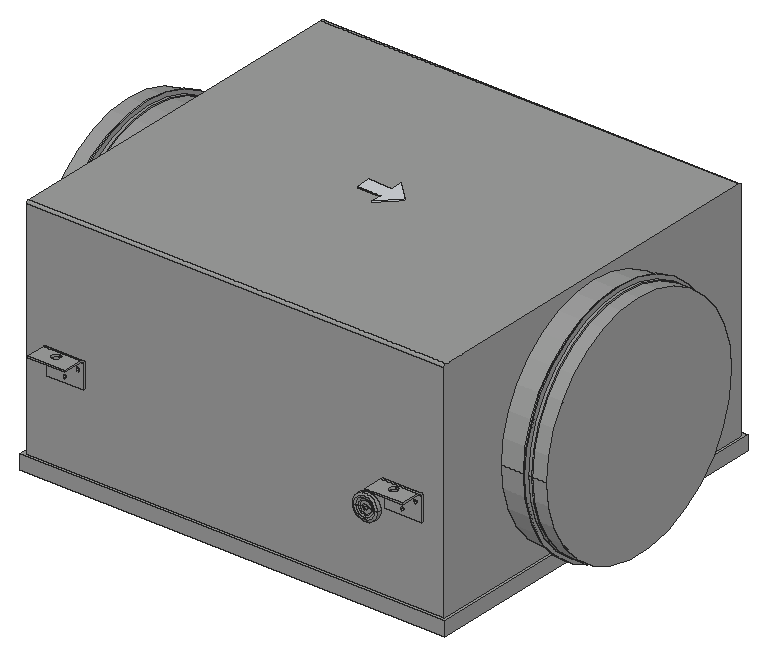
Revit family "Вентилятор круглый V Compact металл", category Оборудование, Revit 2019
Family settings
  Размер круглого соединителя = Использовать диаметр
  Тип детали = Нормальный
  Номер OmniClass = 23.75.00.00
  Заголовок OmniClass = Climate Control (HVAC)
  На основе рабочей плоскости = Нет
  Всегда вертикально = Да
  При загрузке вырезать с полостями = Нет
  Общий = Нет
  Точка расчета площади = Нет
Parameters (values of type "V-250")
  Частота вращения n, об/мин = "2500"
  Сила тока J, А = "0.93"
  Напряжение U,В = "1-220"
  Мощность двигателя N,Вт = "210"
  Материал = RAL 0000 Серый металл
  d = 250 mm
  L = 450 mm
  H = 259 mm
  D+4.5 = D + 4.5 mm  # 128.5 mm
  D+0.5 = D + 0.5 mm  # 124.5 mm
  D = 124 mm
  B = 400 mm
  ADSK_Примечание = "https://progress-nw.ru/ventilyatory/krugli-kanal/ventilyator-kruglyj-compact/"  # constant formula
  ADSK_Позиция = ""
  ADSK_Наименование = "Вентилятор для круглого канала"  # constant formula
  ADSK_Масса_Текст = "10.1 кг"
  ADSK_Марка = "V-250 Compact"
  ADSK_Код изделия = ""
  ADSK_Завод-изготовитель = "Naveka"  # constant formula
  ADSK_Единица измерения = "шт."  # constant formula
Types (7, lengths in mm): name | Частота вращения n, об/мин | Сила тока J, А | Мощность двигателя N,Вт | d | L | H | D+4.5 | D+0.5 | D | B | ADSK_Масса_Текст | ADSK_Марка
  (no name) | "2500" | "0.93" | "210" | 250 | 450 | 259 | 128.5 | 124.5 | 124 | 400 | "10.1 кг" | "V-250 Compact"
  V-100 | "2350" | "0.23" | "52" | 100 | 360 | 134 | 53.5 | 49.5 | 49 | 250 | "4.3 кг" | "V-100 Compact"
  V-125 | "2350" | "0.23" | "52" | 125 | 360 | 134 | 66 | 62 | 61.5 | 290 | "4.8 кг" | "V-125 Compact"
  V-160 | "2700" | "0.38" | "85" | 160 | 400 | 169 | 83.5 | 79.5 | 79 | 320 | "6.2 кг" | "V-160 Compact"
  V-200 | "2650" | "0.6" | "135" | 200 | 400 | 213 | 103.5 | 99.5 | 99 | 350 | "7.7 кг" | "V-200 Compact"
  V-250 | "2500" | "0.93" | "210" | 250 | 450 | 259 | 128.5 | 124.5 | 124 | 400 | "10.1 кг" | "V-250 Compact"
  V-315 | "2700" | "1.0" | "225" | 315 | 500 | 309 | 161 | 157 | 156.5 | 450 | "12.8 кг" | "V-315 Compact"
Reference planes
  plane 1 "По центру (Вперед/Назад)": y = 0
  plane 2: z = 0
  plane 3 "По центру (Влево/Вправо)": x = 0
  plane 4: y = 200
  plane 5: y = -200
  plane 6: x = -275
  plane 7: x = 225
  plane 8: z = 129.5
  plane 9: z = -129.5
  plane 10: x = 250
  plane 11: x = 254
  plane 12: x = 255
  plane 13: x = 259
  plane 14: x = 275
  plane 15: x = -225
  plane 16: x = -250
  plane 17: x = -254
  plane 18: x = -255
  plane 19: x = -259
  plane 20: x = -275
  plane 21: x = -229
  plane 22: y = 204
  plane 23: x = 229
  plane 24: y = -204
  plane 25: z = -114.5
  plane 26: x = 202
  plane 27: x = 162
  plane 28: x = 182
  plane 29: y = 214
  plane 30: z = -12
  plane 31: z = -24
  plane 32: x = 168
  plane 33: x = 196
  plane 34: x = -202
  plane 35: x = -162
  plane 36: x = -182
  plane 37: x = -168
  plane 38: x = -196
  plane 39: y = -214
  plane 40: x = 143.055
  plane 41: z = -35.309
  plane 42: z = 130.5
Forms (mm)
  Extrusion 1, solid, material "RAL 0000 Серый металл" <- "Материал", detail levels fine
    sketch origin (0, 0, 0) x (0, 1, 0) y (0, 0, 1)
      loop
        circle (0, 0) r 124
    from 225 to 275
  Extrusion 2, solid, material "Каучук, черный", detail levels fine
    sketch origin (0, 0, -17.195) x (0, 1, 0) y (0, 0, 1)
      loop
        circle (0, 17.195) r 124.5
    from 250 to 259
  Extrusion 3, solid, material "Каучук, черный", detail levels fine
    sketch origin (0, 0, -17.195) x (0, 1, 0) y (0, 0, 1)
      loop
        circle (0, 17.195) r 128.5
    from 254 to 255
  Extrusion 4, solid, material "RAL 0000 Серый металл" <- "Материал", detail levels fine
    sketch origin (0, 0, 0) x (0, 1, 0) y (0, 0, -1)
      loop
        circle (0, 0) r 124
    from 225 to 275
  Extrusion 5, solid, material "Каучук, черный", detail levels fine
    sketch origin (0, 0, -17.195) x (0, 1, 0) y (0, 0, -1)
      loop
        circle (0, -17.195) r 124.5
    from 250 to 259
  Extrusion 6, solid, material "Каучук, черный", detail levels fine
    sketch origin (0, 0, -17.195) x (0, 1, 0) y (0, 0, -1)
      loop
        circle (0, -17.195) r 128.5
    from 254 to 255
  Extrusion 7, solid, material "RAL 0000 Серый металл" <- "Материал", detail levels fine
    sketch origin (0, 0, 0) x (0, 1, 0) y (0, 0, 1)
      loop
        line (196.975, 129.5) -> (-196.984, 129.5)
        arc (-196.984, 129.5) -> (-199.117, 128.617) -> (-200, 126.484) r 3.016
        line (-200, 126.484) -> (-200, -129.5) -> (200, -129.5) -> (200, 126.475)
        arc (200, 126.475) -> (199.114, 128.614) -> (196.975, 129.5) r 3.025
    from -225 to 225
  Extrusion 8, solid, material "RAL 0000 Серый металл" <- "Материал", detail levels fine
    sketch origin (0, 0, 0) x (1, 0, 0) y (0, 1, 0)
      loop
        line (-229, 204) -> (-229, -204) -> (229, -204) -> (229, 204) -> (-229, 204)
    from -129.5 to -114.5
  Extrusion 9, solid, material "RAL 0000 Серый металл" <- "Материал", detail levels fine
    sketch origin (0, 0, 0) x (0, 1, 0) y (0, 0, 1)
      loop
        line (227.5, -1.5) -> (227.5, 0) -> (205.472, 0)
        arc (205.472, 0) -> (201.603, -1.603) -> (200, -5.472) r 5.472
        line (200, -5.472) -> (200, -30) -> (201.5, -30) -> (201.5, -5.119)
        arc (201.5, -5.119) -> (202.56, -2.56) -> (205.119, -1.5) r 3.619
        line (205.119, -1.5) -> (227.5, -1.5)
    from 162 to 202
  Extrusion 10, void
    sketch origin (0, 227.5, 0) x (0, -1, 0) y (1, 0, 0)
      loop
        circle (13.5, 182) r 4.5
    from -1.5 to 0
  Extrusion 11, void
    sketch origin (0, 0, 0) x (1, 0, 0) y (0, 0, 1)
      loop
        circle (168, -12) r 2.1
      loop
        circle (196, -12) r 2.1
      loop
        circle (182, -24) r 2.1
    from -201.5 to -200
  Extrusion 12, solid, material "RAL 0000 Серый металл" <- "Материал", detail levels fine
    sketch origin (0, 0, 0) x (0, -1, 0) y (0, 0, -1)
      loop
        line (227.5, 1.5) -> (204.519, 1.5)
        arc (204.519, 1.5) -> (202.384, 2.384) -> (201.5, 4.519) r 3.019
        line (201.5, 4.519) -> (201.5, 30) -> (200, 30) -> (200, 6.072)
        arc (200, 6.072) -> (201.778, 1.778) -> (206.072, 0) r 6.072
        line (206.072, 0) -> (227.5, 0) -> (227.5, 1.5)
    from 162 to 202
  Extrusion 13, void
    sketch origin (0, -102.122, 0) x (0, 1, 0) y (-1, 0, 0)
      loop
        circle (-111.878, -182) r 4.5
    from -1.5 to 0
  Extrusion 14, void
    sketch origin (0, 0, 0) x (1, 0, 0) y (0, 0, -1)
      loop
        circle (168, 12) r 2.1
      loop
        circle (196, 12) r 2.1
      loop
        circle (182, 24) r 2.1
    from -201.5 to -200
  Extrusion 15, solid, material "RAL 0000 Серый металл" <- "Материал", detail levels fine
    sketch origin (0, 0, 0) x (0, 1, 0) y (0, 0, -1)
      loop
        line (227.5, 1.5) -> (205.119, 1.5)
        arc (205.119, 1.5) -> (202.56, 2.56) -> (201.5, 5.119) r 3.619
        line (201.5, 5.119) -> (201.5, 30) -> (200, 30) -> (200, 5.472)
        arc (200, 5.472) -> (201.603, 1.603) -> (205.472, 0) r 5.472
        line (205.472, 0) -> (227.5, 0) -> (227.5, 1.5)
    from 162 to 202
  Extrusion 16, void
    sketch origin (-270, 227.5, 0) x (0, -1, 0) y (1, 0, 0)
      loop
        circle (13.5, 88) r 4.5
    from -1.5 to 0
  Extrusion 17, solid, material "RAL 0000 Серый металл" <- "Материал", detail levels fine
    sketch origin (0, 0, 0) x (0, -1, 0) y (0, 0, 1)
      loop
        line (227.5, -1.5) -> (227.5, 0) -> (206.072, 0)
        arc (206.072, 0) -> (201.778, -1.778) -> (200, -6.072) r 6.072
        line (200, -6.072) -> (200, -30) -> (201.5, -30) -> (201.5, -4.519)
        arc (201.5, -4.519) -> (202.384, -2.384) -> (204.519, -1.5) r 3.019
        line (204.519, -1.5) -> (227.5, -1.5)
    from 162 to 202
  Extrusion 18, void
    sketch origin (0, 0, 0) x (-1, 0, 0) y (0, 0, -1)
      loop
        circle (168, 12) r 2.1
      loop
        circle (196, 12) r 2.1
      loop
        circle (182, 24) r 2.1
    from -201.5 to -200
  Extrusion 19, void
    sketch origin (0, 0, 0) x (-1, 0, 0) y (0, 0, 1)
      loop
        circle (168, -12) r 2.1
      loop
        circle (196, -12) r 2.1
      loop
        circle (182, -24) r 2.1
    from -201.5 to -200
  Extrusion 20, void
    sketch origin (0, -102.122, 0) x (0, 1, 0) y (-1, 0, 0)
      loop
        circle (-111.878, 182) r 4.5
    from -1.5 to 0
  Revolve 21, solid, material "Пластмасса, непрозрачная, белая", detail levels fine
    sketch origin (-529.877, -1524, -35.309) x (-1, 0, 0) y (0, -1, 0)
      loop
        line (-672.932, -1324) -> (-672.932, -1321.838) -> (-675.335, -1321.838) -> (-675.335, -1323.031) -> (-676.181, -1323.031) -> (-676.181, -1321.246) -> (-679.626, -1321.246) -> (-680.625, -1320.547) -> (-682.373, -1319.72) -> (-684.347, -1319.25) -> (-686.642, -1320.575) -> (-686.642, -1324) -> (-672.932, -1324)
      axis (-672.932, -1319.25) -> (-672.932, -1324)
    angle from 0 to 360
  Revolve 22, solid, material "Пластмасса, непрозрачная, белая", detail levels fine
    sketch origin (-529.877, 1524, -35.309) x (-1, 0, 0) y (0, -1, 0)
      loop
        line (-672.932, 1324) -> (-686.642, 1324) -> (-686.642, 1320.575) -> (-684.347, 1319.25) -> (-682.373, 1319.72) -> (-680.625, 1320.547) -> (-679.626, 1321.246) -> (-676.181, 1321.246) -> (-676.181, 1323.031) -> (-675.335, 1323.031) -> (-675.335, 1321.838) -> (-672.932, 1321.838) -> (-672.932, 1324)
      axis (-672.932, 1319.25) -> (-672.932, 1324)
    angle from 0 to 360
  Extrusion 23, solid, detail levels fine
    sketch origin (-0.974, 0, 0) x (1, 0, 0) y (0, 1, 0)
      loop
        line (23.125, 0) -> (3.823, 19.302) -> (3.823, 14.302) -> (3.823, 7.861) -> (-21.177, 7.861) -> (-21.177, 0) -> (-21.177, -7.861) -> (3.823, -7.861) -> (3.823, -14.302) -> (3.823, -19.302) -> (23.125, 0)
    from 0 to 130.5
Cuts and joins
  Extrusion 10, Extrusion 11, Extrusion 13, Extrusion 14, Extrusion 16, Extrusion 18 cuts Extrusion 9
  Extrusion 14, Extrusion 18, Extrusion 19 cuts Extrusion 7
  Extrusion 16, Extrusion 18, Extrusion 19 cuts Extrusion 15
  Extrusion 13, Extrusion 14, Extrusion 20 cuts Extrusion 12
  Extrusion 19, Extrusion 20 cuts Extrusion 17
Lines and regions (mm)
  model lines, detail levels medium
    curve 1: circle (0, 0, 0) r 75 normal (0, -1, 0)
    curve 2: line (75, 0, 0) -> (-46.678, 0, 58.704)
    curve 3: line (-47.5, 0, 58.041) -> (-47.5, 0, -58.041)
    curve 4: line (-46.678, 0, -58.704) -> (75, 0, 0)
  model lines, not visible, detail levels medium
    curve 5: circle (0, 0, 0) r 75 normal (0, -1, 0)
    curve 6: line (75, 0, 0) -> (-46.678, 0, 58.704)
    curve 7: line (-47.5, 0, 58.041) -> (-47.5, 0, -58.041)
    curve 8: line (-46.678, 0, -58.704) -> (75, 0, 0)
  model lines, detail levels coarse
    curve 9: circle (0, 0, 0) r 95 normal (0, 0, 1)
    curve 10: line (95, 0, 0) -> (-55.84, 76.857, 0)
    curve 11: line (-55.84, 76.857, 0) -> (-55.84, -76.857, 0)
    curve 12: line (-55.84, -76.857, 0) -> (95, 0, 0)
  model lines, not visible, detail levels coarse
    curve 13: circle (0, 0, 0) r 95 normal (0, 0, 1)
    curve 14: line (95, 0, 0) -> (-55.84, 76.857, 0)
    curve 15: line (-55.84, 76.857, 0) -> (-55.84, -76.857, 0)
    curve 16: line (-55.84, -76.857, 0) -> (95, 0, 0)
Dimensions and locks
  "B": plane 5 to plane 4
  "L": plane 15 to plane 7
  equal spacing: plane 15, plane 3 "По центру (Влево/Вправо)", plane 7
  equal spacing: plane 5, plane 1 "По центру (Вперед/Назад)", plane 4
  equal spacing: plane 8, level, plane 9
  "H": plane 8 to plane 9
  plane 7 to plane 6 = 500 mm
  locked: plane 7 to plane 10 at 25
  locked: plane 10 to plane 11 at 4
  locked: plane 11 to plane 12 at 1
  locked: plane 12 to plane 13 at 4
  locked: plane 13 to plane 14 at 16
  locked: plane 15 to plane 16 at 25
  locked: plane 16 to plane 17 at 4
  locked: plane 17 to plane 18 at 1
  locked: plane 18 to plane 19 at 4
  locked: plane 19 to plane 20 at 16
  locked: plane 24 to plane 5 at 4
  locked: plane 22 to plane 4 at 4
  locked: plane 7 to plane 23 at 4
  locked: plane 21 to plane 15 at 4
  locked: plane 25 to plane 9 at 15
  locked: plane 26 to plane 7 at 23
  locked: plane 27 to plane 26 at 40
  locked: Extrusion 9 sketch curve to Extrusion 9 sketch curve at 1.5  (x2)
  Extrusion 9 sketch curve to Extrusion 9 sketch curve = 27.5 mm
  locked: Extrusion 9 sketch curve to Extrusion 9 sketch curve at 30
  equal spacing: plane 27, plane 28, plane 26
  locked: plane 29 to plane 4 at 14
  locked: level to plane 31 at 24
  equal spacing: level, plane 30, plane 31
  locked: plane 32 to plane 28 at 14
  equal spacing: plane 32, plane 28, plane 33
  locked: plane 35 to plane 34 at 40
  equal spacing: plane 35, plane 36, plane 34
  locked: plane 37 to plane 36 at 14
  equal spacing: plane 37, plane 36, plane 38
  locked: Extrusion 12 sketch curve to Extrusion 12 sketch curve at 1.5  (x2)
  Extrusion 12 sketch curve to Extrusion 12 sketch curve = 27.5 mm
  locked: Extrusion 12 sketch curve to Extrusion 12 sketch curve at 30
  locked: plane 5 to plane 39 at 14
  locked: Extrusion 15 sketch curve to Extrusion 15 sketch curve at 1.5  (x2)
  Extrusion 15 sketch curve to Extrusion 15 sketch curve = 27.5 mm
  locked: Extrusion 15 sketch curve to Extrusion 15 sketch curve at 30
  locked: Extrusion 17 sketch curve to Extrusion 17 sketch curve at 1.5  (x2)
  Extrusion 17 sketch curve to Extrusion 17 sketch curve = 27.5 mm
  locked: Extrusion 17 sketch curve to Extrusion 17 sketch curve at 30
  locked: level to plane 41 at 35.309
  locked: plane 40 to plane 27 at 18.945
  equal spacing: plane 35, plane 3 "По центру (Влево/Вправо)", plane 27
  locked: plane 42 to plane 8 at 1
  "D": radius of Extrusion 1 sketch curve
  "D+0.5": radius of Extrusion 2 sketch curve
  "D+4.5": radius of Extrusion 3 sketch curve
  "D": radius of Extrusion 4 sketch curve
  "D+0.5": radius of Extrusion 5 sketch curve
  "D+4.5": radius of Extrusion 6 sketch curve
  radius of Extrusion 10 sketch curve = 4.5 mm
  radius of Extrusion 13 sketch curve = 4.5 mm
  radius of Extrusion 16 sketch curve = 4.5 mm
  radius of Extrusion 20 sketch curve = 4.5 mm
  aligned and locked: level to plane 2
  aligned and locked: plane 7 to Extrusion 1
  aligned and locked: Extrusion 1 to plane 14
  aligned and locked: level to Extrusion 1
  aligned and locked: level to Extrusion 2
  aligned and locked: Extrusion 3 to plane 12
  aligned and locked: plane 11 to Extrusion 3
  aligned and locked: level to Extrusion 3
  aligned and locked: Extrusion 4 to plane 20
  aligned and locked: Extrusion 5 to plane 19
  aligned and locked: Extrusion 6 to plane 18
  aligned and locked: plane 17 to Extrusion 6
  aligned and locked: plane 16 to Extrusion 5
  aligned and locked: plane 15 to Extrusion 4
  aligned and locked: Extrusion 7 to plane 15
  aligned and locked: Extrusion 7 to plane 7
  aligned and locked: plane 9 to Extrusion 7
  aligned and locked: plane 9 to Extrusion 8
  aligned and locked: Extrusion 8 to plane 25
  aligned and locked: Extrusion 9 to plane 26
  aligned and locked: plane 27 to Extrusion 9
  aligned and locked: plane 28 to Extrusion 10 sketch curve
  aligned and locked: Extrusion 9 to Extrusion 10  (x2)
  aligned and locked: plane 32 to Extrusion 11 sketch curve
  aligned and locked: plane 30 to Extrusion 11 sketch curve  (x2)
  aligned and locked: plane 33 to Extrusion 11 sketch curve
  aligned and locked: plane 28 to Extrusion 11 sketch curve
  aligned and locked: plane 31 to Extrusion 11 sketch curve
  aligned and locked: cut or joined group of Extrusion 9, Extrusion 10, Extrusion 11, Extrusion 13, Extrusion 14, Extrusion 16, Extrusion 18 to Extrusion 11
  aligned and locked: Extrusion 11 to plane 4
  aligned and locked: Extrusion 12 to plane 5
  aligned and locked: Extrusion 12 to plane 26
  aligned and locked: plane 27 to Extrusion 12
  aligned and locked: plane 39 to Extrusion 13 sketch curve
  aligned and locked: plane 28 to Extrusion 13 sketch curve
  aligned and locked: Extrusion 14 to plane 5
  aligned and locked: Extrusion 12 to Extrusion 14
  aligned and locked: level to Extrusion 12
  aligned and locked: plane 35 to Extrusion 15
  aligned and locked: Extrusion 15 to plane 34
  aligned and locked: Extrusion 15 to plane 4
  aligned and locked: level to Extrusion 15
  aligned and locked: plane 36 to Extrusion 16 sketch curve
  aligned and locked: plane 29 to Extrusion 16 sketch curve
  aligned and locked: plane 35 to Extrusion 17
  aligned and locked: Extrusion 17 to plane 34
  aligned and locked: Extrusion 17 to plane 5
  aligned and locked: level to Extrusion 17
  aligned and locked: plane 30 to Extrusion 18 sketch curve  (x2)
  aligned and locked: plane 38 to Extrusion 18 sketch curve
  aligned and locked: plane 37 to Extrusion 18 sketch curve
  aligned and locked: plane 36 to Extrusion 18 sketch curve
  aligned and locked: plane 31 to Extrusion 18 sketch curve
  aligned and locked: plane 37 to Extrusion 19 sketch curve
  aligned and locked: plane 30 to Extrusion 19 sketch curve  (x2)
  aligned and locked: plane 38 to Extrusion 19 sketch curve
  aligned and locked: plane 36 to Extrusion 19 sketch curve
  aligned and locked: plane 31 to Extrusion 19 sketch curve
  aligned and locked: plane 36 to Extrusion 20 sketch curve
  aligned and locked: plane 39 to Extrusion 20 sketch curve
  aligned and locked: plane 4 to Revolve 22
  aligned and locked: Revolve 21 to plane 5
  aligned and locked: plane 27 to cut or joined group of Extrusion 12, Extrusion 13, Extrusion 14, Extrusion 20
  aligned and locked: cut or joined group of Extrusion 12, Extrusion 13, Extrusion 14, Extrusion 20 to plane 26
  aligned and locked: level to cut or joined group of Extrusion 12, Extrusion 13, Extrusion 14, Extrusion 20
  aligned and locked: plane 33 to Extrusion 14 sketch curve
  aligned and locked: plane 30 to Extrusion 14 sketch curve  (x2)
  aligned and locked: plane 32 to Extrusion 14 sketch curve
  aligned and locked: plane 31 to Extrusion 14 sketch curve
  aligned and locked: plane 28 to Extrusion 14 sketch curve
  aligned and locked: cut or joined group of Extrusion 9, Extrusion 10, Extrusion 11, Extrusion 13, Extrusion 14, Extrusion 16, Extrusion 18 to plane 4  (x4)
  aligned and locked: Extrusion 2 to plane 13
  aligned and locked: plane 10 to Extrusion 2
  aligned and locked: plane 4 to cut or joined group of Extrusion 7, Extrusion 14, Extrusion 18, Extrusion 19
  aligned and locked: plane 5 to cut or joined group of Extrusion 7, Extrusion 14, Extrusion 18, Extrusion 19
  aligned and locked: cut or joined group of Extrusion 17, Extrusion 19, Extrusion 20 to cut or joined group of Extrusion 7, Extrusion 14, Extrusion 18, Extrusion 19
  aligned and locked: cut or joined group of Extrusion 15, Extrusion 16, Extrusion 18, Extrusion 19 to cut or joined group of Extrusion 7, Extrusion 14, Extrusion 18, Extrusion 19
  aligned and locked: plane 42 to Extrusion 23
Automatic sketch dimensions
  Extrusion 7 sketch curve to plane 5 = 0 mm
  Extrusion 7 sketch curve to plane 8 = 0 mm
  Extrusion 7 sketch curve to plane 4 = 0 mm
  plane 9 to Extrusion 7 sketch curve = 0 mm
  Extrusion 7 sketch curve to Extrusion 7 sketch curve = 3.016 mm
  Extrusion 7 sketch curve to plane 4 = 3.025 mm
  Extrusion 8 sketch curve to plane 21 = 0 mm
  Extrusion 8 sketch curve to plane 23 = 0 mm
  plane 24 to Extrusion 8 sketch curve = 0 mm
  Extrusion 8 sketch curve to plane 22 = 0 mm
  Extrusion 9 sketch curve to plane 4 = 0 mm
  Extrusion 9 sketch curve to level = 0 mm
  plane 22 to Extrusion 9 sketch curve = 1.119 mm
  Extrusion 9 sketch curve to Extrusion 9 sketch curve = 0.354 mm
  Extrusion 10 sketch curve to Extrusion 9 = 8.528 mm
  Extrusion 12 sketch curve to plane 5 = 0 mm
  Extrusion 12 sketch curve to level = 0 mm
  Extrusion 12 sketch curve to plane 24 = 0.519 mm
  Extrusion 12 sketch curve to plane 24 = 2.072 mm
  Extrusion 15 sketch curve to plane 4 = 0 mm
  Extrusion 15 sketch curve to level = 0 mm
  plane 22 to Extrusion 15 sketch curve = 1.119 mm
  Extrusion 15 sketch curve to Extrusion 15 sketch curve = 0.354 mm
  Extrusion 17 sketch curve to plane 5 = 0 mm
  Extrusion 17 sketch curve to level = 0 mm
  plane 24 to Extrusion 17 sketch curve = 0.519 mm
  plane 24 to Extrusion 17 sketch curve = 2.072 mm
  plane 5 to Revolve 21 sketch curve = 0 mm  (x2)
  Revolve 21 sketch curve to plane 40 = 0 mm  (x2)
  plane 5 to Revolve 21 sketch curve = 0.969 mm
  plane 40 to Revolve 21 sketch curve = 2.403 mm
  Revolve 21 sketch curve to Revolve 21 sketch curve = 0.846 mm
  Revolve 21 sketch curve to plane 24 = 1.246 mm
  Revolve 21 sketch curve to Revolve 21 sketch curve = 3.445 mm
  Revolve 21 sketch curve to plane 24 = 0.547 mm
  Revolve 21 sketch curve to Revolve 21 sketch curve = 0.999 mm
  plane 24 to Revolve 21 sketch curve = 0.28 mm
  Revolve 21 sketch curve to Revolve 21 sketch curve = 1.748 mm
  plane 24 to Revolve 21 sketch curve = 0.75 mm
  Revolve 21 sketch curve to Revolve 21 sketch curve = 1.974 mm
  Revolve 21 sketch curve to plane 24 = 0.575 mm
  Revolve 21 sketch curve to Revolve 21 sketch curve = 2.294 mm
  Revolve 21 sketch curve to Revolve 21 sketch curve = 0.592 mm
  Revolve 21 sketch curve to plane 5 = 17.098 mm
  Revolve 22 sketch curve to plane 4 = 0 mm  (x2)
  Revolve 22 sketch curve to plane 40 = 0 mm  (x2)
  plane 4 to Revolve 22 sketch curve = 0.969 mm
  plane 40 to Revolve 22 sketch curve = 2.403 mm
  Revolve 22 sketch curve to Revolve 22 sketch curve = 0.846 mm
  Revolve 22 sketch curve to plane 22 = 1.246 mm
  Revolve 22 sketch curve to Revolve 22 sketch curve = 3.445 mm
  Revolve 22 sketch curve to plane 22 = 0.547 mm
  Revolve 22 sketch curve to Revolve 22 sketch curve = 0.999 mm
  plane 22 to Revolve 22 sketch curve = 0.28 mm
  Revolve 22 sketch curve to Revolve 22 sketch curve = 1.748 mm
  plane 22 to Revolve 22 sketch curve = 0.75 mm
  Revolve 22 sketch curve to Revolve 22 sketch curve = 1.974 mm
  Revolve 22 sketch curve to plane 22 = 0.575 mm
  Revolve 22 sketch curve to Revolve 22 sketch curve = 2.294 mm
  Revolve 22 sketch curve to plane 22 = 1.838 mm
  Revolve 22 sketch curve to plane 4 = 17.098 mm
  curve 1 to curve 4 = 75 mm
  curve 1 to curve 2 = 0 mm
  curve 4 to curve 1 = 46.678 mm
  curve 2 to curve 1 = 46.678 mm
  curve 3 to curve 4 = 0.822 mm
  curve 5 to curve 8 = 75 mm
  curve 5 to curve 6 = 0 mm
  curve 8 to curve 5 = 46.678 mm
  curve 6 to curve 5 = 46.678 mm
  curve 7 to curve 8 = 0.822 mm
  plane 1 "По центру (Вперед/Назад)" to Extrusion 23 sketch curve = 0 mm  (x2)
  Extrusion 23 sketch curve to plane 3 "По центру (Влево/Вправо)" = 22.151 mm
  plane 3 "По центру (Влево/Вправо)" to Extrusion 23 sketch curve = 2.849 mm  (x2)
  Extrusion 23 sketch curve to Extrusion 23 sketch curve = 19.302 mm
  plane 1 "По центру (Вперед/Назад)" to Extrusion 23 sketch curve = 7.861 mm
  Extrusion 23 sketch curve to Extrusion 23 sketch curve = 6.441 mm
  Extrusion 23 sketch curve to Extrusion 23 sketch curve = 5 mm  (x2)
  Extrusion 23 sketch curve to Extrusion 23 sketch curve = 7.861 mm
  Extrusion 1 sketch curve to level = 0 mm
  Extrusion 1 sketch curve to plane 1 "По центру (Вперед/Назад)" = 0 mm
  Extrusion 2 sketch curve to level = 0 mm
  Extrusion 2 sketch curve to plane 1 "По центру (Вперед/Назад)" = 0 mm
  Extrusion 3 sketch curve to level = 0 mm
  Extrusion 3 sketch curve to plane 1 "По центру (Вперед/Назад)" = 0 mm
  Extrusion 4 sketch curve to level = 0 mm
  Extrusion 4 sketch curve to plane 1 "По центру (Вперед/Назад)" = 0 mm
  Extrusion 5 sketch curve to level = 0 mm
  Extrusion 5 sketch curve to plane 1 "По центру (Вперед/Назад)" = 0 mm
  Extrusion 6 sketch curve to level = 0 mm
  Extrusion 6 sketch curve to plane 1 "По центру (Вперед/Назад)" = 0 mm
  radius of Extrusion 11 sketch curve = 2.1 mm  (x3)
  radius of Extrusion 14 sketch curve = 2.1 mm  (x3)
  radius of Extrusion 18 sketch curve = 2.1 mm  (x3)
  radius of Extrusion 19 sketch curve = 2.1 mm  (x3)
Connectors
  hvac at (-275, 0, 0), driven by "d"
    settings: on Extrusion 4, index 1, duct flow 0.0 L/s, flow factor 0, pres drop 0.0 Pa, loss coef 0, conn angle 0.00°, conn width 304.8 mm, conn height 304.8 mm, conn diameter 250 mm, duct sys type 28, conn prof type 0, flow config 0, flow direction 0, loss method 0, conn ref index 2, conn util no, is conn primary yes, conn desc ""
  hvac at (275, 0, 0), driven by "d"
    settings: on Extrusion 1, index 2, duct flow 0.0 L/s, flow factor 0, pres drop 0.0 Pa, loss coef 0, conn angle 0.00°, conn width 304.8 mm, conn height 304.8 mm, conn diameter 250 mm, duct sys type 28, conn prof type 0, flow config 0, flow direction 0, loss method 0, conn ref index 1, conn util no, is conn primary no, conn desc ""
